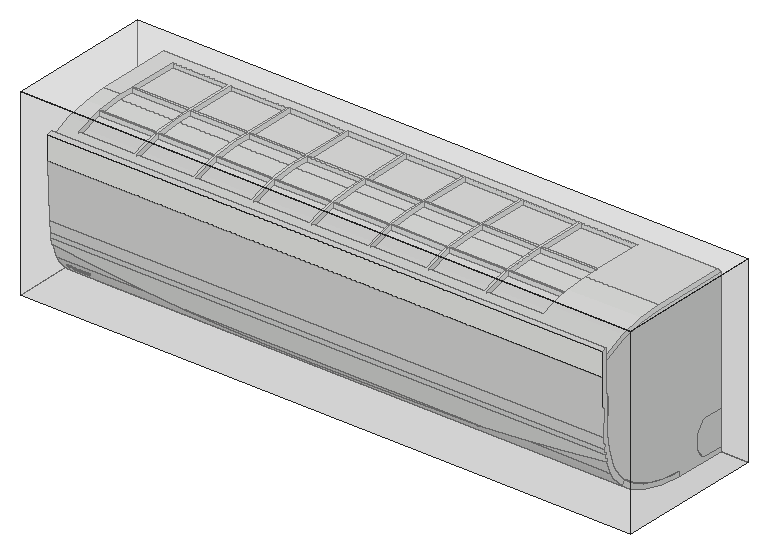
Revit family "outputfile", category 機械設備, Revit 2024
Family settings
  丸型コネクタ寸法 = 半径を使用
  パーツ タイプ = 標準
  OmniClass 番号 = 23.75.10.24.21.27.27
  OmniClass タイトル = Split System Air Conditioning Units
  作業面ベース = いいえ
  常に垂直 = はい
  ロード時にボイドで切り取り = いいえ
  注釈の向きを維持 = いいえ
  共有 = いいえ
  部屋計算ポイント = いいえ
Parameters (values of type "CTXM71RVMA")
  Description = ""
  書き出し IFC クラス(タイプ) = "IfcUnitaryEquipmentType"
  定義済み IFC タイプ(タイプ) = "AIRCONDITIONINGUNIT"
  Cost = 0
  Type Comments = ""
  Keynote = ""
  Type Image = (empty or 0)
  Assembly Code = ""
  w_wall hole = if(Width = 770.0 mm, 48.0 mm, if(Width = 990.0 mm, 60.0 mm, 89.0 mm))  # 60.0 mm
  製造元 = "Daikin"
  モデル = "CTXM71RVMA"
  switch_frequency = yes
  r_Liquid Pipe Size = Liquid Pipe Size / 2  # 3.2 mm
  r_Gas Pipe Size = Gas Pipe Size / 2  # 7.95 mm
  r_Drain Pipe Size = Drain Pipe Size / 2  # 8.0 mm
  lw_powersupply [instance] = if(Width = 770.0 mm, if(or(Rear Right Connection_refrigerant, Bottom Right Connection_refrigerant), 25.0 mm, if(or(Rear Left Connection_refrigerant, Bottom Left Connection_refrigerant), 745.0 mm, 400.0 mm)), if(Width = 990.0 mm, if(or(Rear Right Connection_refrigerant, Bottom Right Connection_refrigerant), 40.0 mm, if(or(Rear Left Connection_refrigerant, Bottom Left Connection_refrigerant), 920.0 mm, 400.0 mm)), if(Width = 1200.0 mm, if(or(Rear Right Connection_refrigerant, Bottom Right Connection_refrigerant), 89.0 mm - 19.0 mm, if(or(Rear Left Connection_refrigerant, Bottom Left Connection_refrigerant), 675.0 mm + (990.0 mm - 770.0 mm) + 145.0 mm + 22.0 mm + 89.0 mm, 400.0 mm)), if(or(Rear Right Connection_refrigerant, Bottom Right Connection_refrigerant), 89.0 mm - 19.0 mm, if(or(Rear Left Connection_refrigerant, Bottom Left Connection_refrigerant), 675.0 mm + (990.0 mm - 770.0 mm) + 145.0 mm + 22.0 mm + 89.0 mm, 400.0 mm)))))  # 400.0 mm
  lw_liquidpipe [instance] = if(Width = 770.0 mm, if(or(Rear Right Connection_refrigerant, Bottom Right Connection_refrigerant), 0.0 mm, if(or(Rear Left Connection_refrigerant, Bottom Left Connection_refrigerant), 664.0 mm, 385.0 mm)), if(Width = 990.0 mm, if(or(Rear Right Connection_refrigerant, Bottom Right Connection_refrigerant), 0.0 mm, if(or(Rear Left Connection_refrigerant, Bottom Left Connection_refrigerant), 664.0 mm + (990.0 mm - 770.0 mm), 475.0 mm)), if(Width = 1200.0 mm, if(or(Rear Right Connection_refrigerant, Bottom Right Connection_refrigerant), 0.0 mm, if(or(Rear Left Connection_refrigerant, Bottom Left Connection_refrigerant), 664.0 mm + (990.0 mm - 770.0 mm) + 145.0 mm, 460.0 mm)), if(or(Rear Right Connection_refrigerant, Bottom Right Connection_refrigerant), 0.0 mm, if(or(Rear Left Connection_refrigerant, Bottom Left Connection_refrigerant), 664.0 mm + (990.0 mm - 770.0 mm) + 145.0 mm, 460.0 mm)))))  # 475.0 mm
  lw_gaspipe [instance] = if(Width = 770.0 mm, if(or(Rear Right Connection_refrigerant, Bottom Right Connection_refrigerant), 0.0 mm, if(or(Rear Left Connection_refrigerant, Bottom Left Connection_refrigerant), 675.0 mm, if(Gas Pipe Size = 12.7 mm, 345.0 mm, 335.0 mm))), if(Width = 990.0 mm, if(or(Rear Right Connection_refrigerant, Bottom Right Connection_refrigerant), 10.0 mm, if(or(Rear Left Connection_refrigerant, Bottom Left Connection_refrigerant), 890.0 mm, if(Gas Pipe Size = 15.9 mm, 410.0 mm, 400.0 mm))), if(Width = 1200.0 mm, if(or(Rear Right Connection_refrigerant, Bottom Right Connection_refrigerant), 10.0 mm, if(or(Rear Left Connection_refrigerant, Bottom Left Connection_refrigerant), 675.0 mm + (990.0 mm - 770.0 mm) + 145.0 mm, 400.0 mm)), if(or(Rear Right Connection_refrigerant, Bottom Right Connection_refrigerant), 10.0 mm, if(or(Rear Left Connection_refrigerant, Bottom Left Connection_refrigerant), 675.0 mm + (990.0 mm - 770.0 mm) + 145.0 mm, 400.0 mm)))))  # 410.0 mm
  lw_drainpipe [instance] = if(Width = 770.0 mm, if(or(Rear Right Connection_refrigerant, Bottom Right Connection_refrigerant), 0.0 mm, if(or(Rear Left Connection_refrigerant, Bottom Left Connection_refrigerant), 770.0 mm - 48.0 mm - 48.0 mm, 440.0 mm)), if(Width = 990.0 mm, if(or(Rear Right Connection_refrigerant, Bottom Right Connection_refrigerant), 0.0 mm, if(or(Rear Left Connection_refrigerant, Bottom Left Connection_refrigerant), 675.0 mm + (990.0 mm - 770.0 mm), 435.0 mm)), if(Width = 1200.0 mm, if(or(Rear Right Connection_refrigerant, Bottom Right Connection_refrigerant), 0.0 mm, if(or(Rear Left Connection_refrigerant, Bottom Left Connection_refrigerant), 675.0 mm + (990.0 mm - 770.0 mm) + 145.0 mm, 465.0 mm)), if(or(Rear Right Connection_refrigerant, Bottom Right Connection_refrigerant), 0.0 mm, if(or(Rear Left Connection_refrigerant, Bottom Left Connection_refrigerant), 675.0 mm + (990.0 mm - 770.0 mm) + 145.0 mm, 465.0 mm)))))  # 435.0 mm
  l_powersupply_length [instance] = if(Width = 770.0 mm, if(Right Connection_refrigerant, 400.0 mm, if(Left Connection_refrigerant, 770.0 mm - 400.0 mm, if(or(Rear Left Connection_refrigerant, Rear Right Connection_refrigerant), 15.0 mm, 50.0 mm))), if(Width = 990.0 mm, if(Right Connection_refrigerant, 400.0 mm, if(Left Connection_refrigerant, 990.0 mm - 400.0 mm, if(or(Rear Left Connection_refrigerant, Rear Right Connection_refrigerant), 15.0 mm, 50.0 mm))), if(Width = 1200.0 mm, if(Right Connection_refrigerant, 400.0 mm, if(Left Connection_refrigerant, 1200.0 mm - 400.0 mm, if(or(Rear Left Connection_refrigerant, Rear Right Connection_refrigerant), 15.0 mm, 50.0 mm))), if(Right Connection_refrigerant, 400.0 mm, if(Left Connection_refrigerant, 1200.0 mm - 400.0 mm, if(or(Rear Left Connection_refrigerant, Rear Right Connection_refrigerant), 15.0 mm, 50.0 mm))))))  # 400.0 mm
  l_liquidpipe_length [instance] = if(Width = 770.0 mm, if(Right Connection_refrigerant, 433.0 mm, if(Left Connection_refrigerant, 337.0 mm, if(or(Rear Left Connection_refrigerant, Rear Right Connection_refrigerant), 30.0 mm, 40.0 mm))), if(Width = 990.0 mm, if(Right Connection_refrigerant, 535.0 mm, if(Left Connection_refrigerant, 455.0 mm, if(or(Rear Left Connection_refrigerant, Rear Right Connection_refrigerant), 30.0 mm, 40.0 mm))), if(Width = 1200.0 mm, if(Right Connection_refrigerant, 549.0 mm, if(Left Connection_refrigerant, 1200.0 mm - 549.0 mm, if(or(Rear Left Connection_refrigerant, Rear Right Connection_refrigerant), 30.0 mm, 40.0 mm))), if(Right Connection_refrigerant, 549.0 mm, if(Left Connection_refrigerant, 1200.0 mm - 549.0 mm, if(or(Rear Left Connection_refrigerant, Rear Right Connection_refrigerant), 30.0 mm, 40.0 mm))))))  # 535.0 mm
  l_gaspipe_length [instance] = if(Width = 770.0 mm, if(Right Connection_refrigerant, if(Gas Pipe Size = 12.7 mm, 393.0 mm, 383.0 mm), if(Left Connection_refrigerant, if(Gas Pipe Size = 12.7 mm, 770.0 mm - 393.0 mm, 770.0 mm - 383.0 mm), if(or(Rear Left Connection_refrigerant, Rear Right Connection_refrigerant), 40.0 mm, 50.0 mm))), if(Width = 990.0 mm, if(Right Connection_refrigerant, if(Gas Pipe Size = 15.9 mm, 470.0 mm, 460.0 mm), if(Left Connection_refrigerant, if(Gas Pipe Size = 15.9 mm, 990.0 mm - 470.0 mm, 990.0 mm - 460.0 mm), if(or(Rear Left Connection_refrigerant, Rear Right Connection_refrigerant), 40.0 mm, 50.0 mm))), if(Width = 1200.0 mm, if(Right Connection_refrigerant, 489.0 mm, if(Left Connection_refrigerant, 1200.0 mm - 489.0 mm, if(or(Rear Left Connection_refrigerant, Rear Right Connection_refrigerant), 40.0 mm, 50.0 mm))), if(Right Connection_refrigerant, 489.0 mm, if(Left Connection_refrigerant, 1200.0 mm - 489.0 mm, if(or(Rear Left Connection_refrigerant, Rear Right Connection_refrigerant), 40.0 mm, 50.0 mm))))))  # 470.0 mm
  l_drainpipe_length [instance] = if(Width = 770.0 mm, if(Right Connection_refrigerant, 488.0 mm, if(Left Connection_refrigerant, 282.0 mm, if(or(Rear Left Connection_refrigerant, Rear Right Connection_refrigerant), 15.0 mm, 20.0 mm))), if(Width = 990.0 mm, if(Right Connection_refrigerant, 495.0 mm, if(Left Connection_refrigerant, 495.0 mm, if(or(Rear Left Connection_refrigerant, Rear Right Connection_refrigerant), 15.0 mm, 20.0 mm))), if(Width = 1200.0 mm, if(Right Connection_refrigerant, 554.0 mm, if(Left Connection_refrigerant, 1200.0 mm - 554.0 mm, if(or(Rear Left Connection_refrigerant, Rear Right Connection_refrigerant), 15.0 mm, 20.0 mm))), if(Right Connection_refrigerant, 554.0 mm, if(Left Connection_refrigerant, 1200.0 mm - 554.0 mm, if(or(Rear Left Connection_refrigerant, Rear Right Connection_refrigerant), 15.0 mm, 20.0 mm))))))  # 495.0 mm
  h*** = 0.0 mm  # constant formula
  connector_voltage = Voltage_50Hz  # 230 V
  connector_powerinput = if([Power Input (Cooling)] > [Power Input (Heating)], [Power Input (Cooling)], [Power Input (Heating)])  # 0.000 kW
  connector_phase = Phase_50Hz  # 1
  angle_vertical [instance] = if(or(Bottom Left Connection_refrigerant, Bottom Right Connection_refrigerant), 0.00°, 90.00°)  # 90.00°
  angle_horizontal [instance] = if(Right Connection_refrigerant, 90.00°, if(Left Connection_refrigerant, -90.00°, if(or(Rear Left Connection_refrigerant, Rear Right Connection_refrigerant), 180.00°, 0.00°)))  # 90.00°
  Width = 990.0 mm
  Voltage_comment_50Hz = "220 - 240"
  Voltage_50Hz = 230 V
  Version = "ver.1.0"
  Unit Type = "Wall Mounted"
  Unit Mass Weight = 13.00 kg
  Unit Designation [instance] = ""
  Uniclass2015Version = "Products v1.30"
  Uniclass2015Title = "Split coil room air conditioning units"
  Uniclass2015Code = "Pr_70_65_03_86"
  URL = ""
  Total Heating Capacity [instance] = 0.000 kW
  Total Cooling Capacity [instance] = 0.000 kW
  Sound Pressure Level_M speed (dBA) = 45
  Sound Pressure Level_L speed (dBA) = 37
  Sound Pressure Level_H speed (dBA) = 49
  Sound Power Level_H speed (dB) = 0
  Series = "Multi Split_Fan Coil Unit"
  Sensible Cooling Capacity [instance] = 0.000 kW
  Refrigerant Type = "R32"
  Power Input (Heating) = 0.000 kW
  Power Input (Cooling) = 0.000 kW
  Phase_50Hz = 1
  Option Accessory 3 [instance] = ""
  Option Accessory 2 [instance] = ""
  Option Accessory 1 [instance] = ""
  Nominal Heating Capacity = 8.600 kW
  Nominal Cooling Capacity = 7.100 kW
  Minimum Circuit Amps_50Hz = 0.0 A
  Minimum Airflow = 798.00 m³/h
  Median Airflow = 1010.00 m³/h
  Maximum Fuse Amps_50Hz = 0.0 A
  Maximum Airflow = 1200.00 m³/h
  Material_Casing = DAIKIN_White_Casing_indoorunit
  Load Classification = HVAC
  Liquid Pipe Size = 6.4 mm
  Link_Nested Family [instance] = ""
  IfcVersion = ""
  IfcExportType = "AIRCONDITIONINGUNIT"
  IfcExportAs = "IfcUnitaryEquipmentType"
  Height = 295.0 mm
  Heating Entering Wet Bulb Temperature [instance] = 0.00 °C
  Heating Entering Dry Bulb Temperature [instance] = 0.00 °C
  Heating Ambient Wet Bulb Temperature [instance] = 0.00 °C
  Heating Ambient Dry Bulb Temperature [instance] = 0.00 °C
  Heat Exchanger Type = "Cross Fin Coil"
  Gas Pipe Size = 15.9 mm
  Frequency_50Hz = 50 Hz
  Fan Type = "Cross Flow Fan"
  Fan Drive = "Direct Drive"
  FCU Tag No. [instance] = ""
  Drain Pipe Size = 16.0 mm
  Design Supply Airflow [instance] = 0.00 m³/h
  Depth = 263.0 mm
  既定の高さ = 0.0 mm
  Cooling Entering Wet Bulb Temperature [instance] = 0.00 °C
  Cooling Entering Dry Bulb Temperature [instance] = 0.00 °C
  Cooling Ambient Wet Bulb Temperature [instance] = 0.00 °C
  Cooling Ambient Dry Bulb Temperature [instance] = 0.00 °C
  Clearance visibility [instance] = yes
  Clearance Top = 30.0 mm
  Clearance Right = 50.0 mm
  Clearance Rear = 0.0 mm
  Clearance Left = 50.0 mm
  Clearance Front = 0.0 mm
  Clearance Bottom = 0.0 mm
  Bottom Right Connection_refrigerant [instance] = no
  Bottom Left Connection_refrigerant [instance] = no
  Rear Right Connection_refrigerant [instance] = no
  Rear Left Connection_refrigerant [instance] = no
  Right Connection_refrigerant [instance] = yes
  Left Connection_refrigerant [instance] = no
Reference planes
  plane 1 "Back": y = 0
  plane 2: z = 0
  plane 3 "Center (Left/Right)": x = 0
  plane 4 "Center (Front/Back)": y = -131.5
  plane 5 "Front": y = -263
  plane 6 "Left": x = -495
  plane 7 "Right": x = 495
  plane 8 "Top": z = 0
  plane 9 "Bottom": z = -295
  plane 10: x = -545
  plane 11: x = 545
  plane 12: y = 0
  plane 13: y = -263
  plane 14: z = 30
  plane 15: z = -295
  plane 16 "lw_Piping and Wiring intake": x = 435
  plane 17 "lw_gaspipe": x = 25
  plane 18 "lw_liquidpipe": x = -40
  plane 19 "lw_drainpipe": x = 0
  plane 20 "lh_drainpipe": z = -275
  plane 21 "lh_liquidpipe": z = -255
  plane 22 "lh_gaspipe": z = -245
  plane 23 "ld_drainpipe": y = -15
  plane 24 "ld_liquidpipe": y = -30
  plane 25 "ld_gaspipe": y = -40
  plane 26 "lw_powersupply": x = 95
Dimensions and locks
  equal spacing: plane 6 "Left", plane 3 "Center (Left/Right)", plane 7 "Right"
  "Width": plane 6 "Left" to plane 7 "Right"
  equal spacing: plane 5 "Front", plane 4 "Center (Front/Back)", plane 1 "Back"
  "Depth": plane 5 "Front" to plane 1 "Back"
  "Height": plane 8 "Top" to plane 9 "Bottom"
  "Clearance Rear": plane 12 to plane 1 "Back"
  "Clearance Front": plane 13 to plane 5 "Front"
  "Clearance Top": plane 14 to plane 8 "Top"
  "Clearance Bottom": plane 9 "Bottom" to plane 15
  "w_wall hole": plane 16 "lw_Piping and Wiring intake" to plane 7 "Right"
  "lw_gaspipe": plane 17 "lw_gaspipe" to plane 16 "lw_Piping and Wiring intake"
  "lw_liquidpipe": plane 18 "lw_liquidpipe" to plane 16 "lw_Piping and Wiring intake"
  "lw_drainpipe": plane 19 "lw_drainpipe" to plane 16 "lw_Piping and Wiring intake"
  locked: plane 20 "lh_drainpipe" to plane 9 "Bottom" at 20
  locked: plane 21 "lh_liquidpipe" to plane 9 "Bottom" at 40
  locked: plane 22 "lh_gaspipe" to plane 9 "Bottom" at 50
  locked: plane 23 "ld_drainpipe" to plane 1 "Back" at 15
  locked: plane 1 "Back" to plane 24 "ld_liquidpipe" at 30
  locked: plane 1 "Back" to plane 25 "ld_gaspipe" at 40
  "lw_powersupply": plane 26 "lw_powersupply" to plane 7 "Right"
  "Clearance Right": plane 7 "Right" to plane 11
  "Clearance Left": plane 10 to plane 6 "Left"
  aligned and locked: level to plane 2
  aligned and locked: plane 12 to nested 1
  aligned and locked: nested 1 to plane 13
  aligned and locked: plane 10 to nested 1
  aligned and locked: plane 11 to nested 1
  aligned and locked: plane 15 to nested 1
  aligned and locked: plane 14 to nested 1
  aligned and locked: plane 17 "lw_gaspipe" to nested 2
  aligned and locked: nested 2 to plane 25 "ld_gaspipe"
  aligned and locked: plane 18 "lw_liquidpipe" to nested 3
  aligned and locked: nested 3 to plane 24 "ld_liquidpipe"
  aligned and locked: plane 19 "lw_drainpipe" to nested 4
  aligned and locked: nested 4 to plane 23 "ld_drainpipe"
  aligned and locked: nested 5 to plane 23 "ld_drainpipe"
  aligned and locked: plane 26 "lw_powersupply" to nested 5
  aligned and locked: level to plane 8 "Top"
  aligned and locked: plane 3 "Center (Left/Right)" to nested 6
  aligned and locked: plane 1 "Back" to nested 6
  aligned and locked: plane 8 "Top" to nested 6
Nested families
  nested 1: "daikin_clearancespace" at (0, -131.5, -132.381), show <- "Clearance visibility", visible <- "Clearance visibility", Link_Nested Family <- "Link_Nested Family", type "daikin_clearancespace"
    with width 1090.0 mm, show yes, height 325.0 mm, depth 263.0 mm, Link_Nested Family ""
  nested 2: "daikin_connector_rotate3" at (25, -40, -245), angle_vertical <- "angle_vertical", angle_horizontal <- "angle_horizontal", length <- "l_gaspipe_length", radius <- "r_Gas Pipe Size", type "daikin_connector_rotate3"
    with show no, radius 7.95 mm, length 470.0 mm, angle_vertical 90.00°, angle_horizontal 90.00°
  nested 3: "daikin_connector_rotate3" at (-40, -30, -255), angle_vertical <- "angle_vertical", angle_horizontal <- "angle_horizontal", radius <- "r_Liquid Pipe Size", length <- "l_liquidpipe_length", type "daikin_connector_rotate3"
    with show no, radius 3.2 mm, length 535.0 mm, angle_vertical 90.00°, angle_horizontal 90.00°
  nested 4: "daikin_connector_rotate3" at (0, -15, -275), angle_vertical <- "angle_vertical", angle_horizontal <- "angle_horizontal", length <- "l_drainpipe_length", radius <- "r_Drain Pipe Size", type "daikin_connector_rotate3"
    with show no, radius 8.0 mm, length 495.0 mm, angle_vertical 90.00°, angle_horizontal 90.00°
  nested 5: "daikin_connector_rotate3" at (95, -15, -245), angle_vertical <- "angle_vertical", angle_horizontal <- "angle_horizontal", length <- "l_powersupply_length", type "daikin_connector_rotate3"
    with show no, radius 10.0 mm, length 400.0 mm, angle_vertical 90.00°, angle_horizontal 90.00°
  nested 6: "DAIKIN_indoorunit_CTXM-RVMA" at (-31, 0, 0), type "CTXM-RVMA"
    with switch_unit1_50-71 yes, switch_unit1_20-46 no, Width 990.0 mm, WALL HOLE-R 60.0 mm, WALL HOLE Size 80.0 mm, Height 295.0 mm
Connectors
  piping at (495, -40, -245), diameter 15.9, driven by "r_Gas Pipe Size"
    settings: on nested 2, index 1, connector inside diameter 609.6 mm, connector length 0.0 mm, flow factor 0, pipe flow 0.00 m³/h, pressure drop 0.0 Pa, fitting loss kfactor 0, connector angle 0.00°, fixture units 0, engagement length 0.0 mm, angle of deflection 0.00°, flow configuration 1, flow direction 2, fitting loss method 0, system type 29, joint type 0, gender type 0, connector reference index -1, connector utility 0, adjustable connector no, is connector primary yes, connector description "Refrigerant Gas Piping"
  piping at (495, -30, -255), diameter 6.4, driven by "r_Liquid Pipe Size"
    settings: on nested 3, index 2, connector inside diameter 609.6 mm, connector length 0.0 mm, flow factor 0, pipe flow 0.00 m³/h, pressure drop 0.0 Pa, fitting loss kfactor 0, connector angle 0.00°, fixture units 0, engagement length 0.0 mm, angle of deflection 0.00°, flow configuration 1, flow direction 1, fitting loss method 0, system type 29, joint type 0, gender type 0, connector reference index -1, connector utility 0, adjustable connector no, is connector primary no, connector description "Refrigerant Liquid Piping"
  piping at (495, -15, -275), diameter 16, driven by "r_Drain Pipe Size"
    settings: on nested 4, index 3, connector inside diameter 609.6 mm, connector length 0.0 mm, flow factor 0, pipe flow 0.00 m³/h, pressure drop 0.0 Pa, fitting loss kfactor 0, connector angle 0.00°, fixture units 0, engagement length 0.0 mm, angle of deflection 0.00°, flow configuration 1, flow direction 2, fitting loss method 4, system type 16, joint type 0, gender type 0, connector reference index -1, connector utility 0, adjustable connector no, is connector primary no, connector description "Condensate Drain Piping"
  electrical at (495, -15, -245), driven by "Load Classification", driven by "connector_voltage", driven by "connector_phase", driven by "connector_powerinput"
    settings: on nested 5, index 4, voltage 230 V, apparent load 0 VA, apparent load phase1 0 VA, apparent load phase2 0 VA, apparent load phase3 0 VA, power factor 1, load classification "HVAC", number of poles 1, system type 30, power factor state 1, is connector primary yes, connector utility no, sub classification motor no, connector description "Power Supply"
Definition of nested family "daikin_clearancespace"
  Parameters (values of type "daikin_clearancespace")
    Description = "daikin_clearancespace"
    width [instance] = 1823.963 mm
    show [instance] = yes
    material = none
    height [instance] = 1359.762 mm
    depth [instance] = 880.0 mm
    Default Elevation = 0.0 mm
    Link_Nested Family [instance] = ""
  Reference planes
    plane 1 "Center (Front/Back)": y = 0
    plane 2 "Center (Elevation)": z = -0.119
    plane 3 "Center (Left/Right)": x = 0
    plane 4: y = 440
    plane 5: y = -440
    plane 6 "Right": x = 911.982
    plane 7 "Left": x = -911.982
    plane 8 "Top": z = 679.762
    plane 9 "Bottom": z = -680
  Forms (mm)
    Extrusion 1, solid, material <- "material", visible <- "show"
      sketch origin (0, 0, 0) x (1, 0, 0) y (0, 1, 0)
        loop
          line (-911.982, 440) -> (-911.982, -440) -> (911.982, -440) -> (911.982, 440) -> (-911.982, 440)
      from -680 to 679.762
  Lines and regions (mm)
    symbolic lines, visible <- "show"
      curve 1: line (911.982, 440, 0) -> (-911.982, 440, 0)
      curve 2: line (-911.982, 440, 0) -> (-911.982, -440, 0)
      curve 3: line (-911.982, -440, 0) -> (911.982, -440, 0)
      curve 4: line (911.982, -440, 0) -> (911.982, 440, 0)
      curve 5: line (911.982, 0, 679.762) -> (-911.982, 0, 679.762)
      curve 6: line (911.982, 0, -680) -> (911.982, 0, 679.762)
      curve 7: line (-911.982, 0, -680) -> (911.982, 0, -680)
      curve 8: line (-911.982, 0, 679.762) -> (-911.982, 0, -680)
      curve 9: line (0, 440, 679.762) -> (0, -440, 679.762)
      curve 10: line (0, -440, 679.762) -> (0, -440, -680)
      curve 11: line (0, 440, -680) -> (0, 440, 679.762)
      curve 12: line (0, -440, -680) -> (0, 440, -680)
  Dimensions and locks
    "width": plane 7 "Left" to plane 6 "Right"
    "depth": plane 4 to plane 5
    "height": plane 8 "Top" to plane 9 "Bottom"
    equal spacing: plane 7 "Left", plane 3 "Center (Left/Right)", plane 6 "Right"
    equal spacing: plane 4, plane 1 "Center (Front/Back)", plane 5
    equal spacing: plane 8 "Top", plane 2 "Center (Elevation)", plane 9 "Bottom"
    aligned and locked: level to plane 2 "Center (Elevation)"
    aligned and locked: Extrusion 1 sketch curve to plane 4
    aligned and locked: plane 7 "Left" to Extrusion 1 sketch curve
    aligned and locked: Extrusion 1 sketch curve to plane 5
    aligned and locked: Extrusion 1 sketch curve to plane 6 "Right"
    aligned and locked: plane 8 "Top" to Extrusion 1
    aligned and locked: curve 1 to Extrusion 1
    aligned and locked: curve 2 to Extrusion 1
    aligned and locked: curve 3 to Extrusion 1
    aligned and locked: curve 4 to Extrusion 1
    aligned and locked: curve 5 to Extrusion 1
    aligned and locked: curve 6 to Extrusion 1
    aligned and locked: curve 7 to Extrusion 1
    aligned and locked: curve 8 to Extrusion 1
    aligned and locked: curve 9 to Extrusion 1
    aligned and locked: curve 10 to Extrusion 1
    aligned and locked: curve 11 to Extrusion 1
    aligned and locked: curve 12 to Extrusion 1
    aligned and locked: Extrusion 1 to plane 9 "Bottom"
Definition of nested family "DAIKIN_indoorunit_CTXM-RVMA"
  Parameters (values of type "CTXM-RVMA")
    switch_unit1_85-95 = Width = 1200.0 mm  # no
    switch_unit1_50-71 = Width = 990.0 mm  # no
    switch_unit1_20-46 = Width = 770.0 mm  # yes
    Width = 770.0 mm
    WALL HOLE_L = if(Width = 1200.0 mm, 65.0 mm, 48.0 mm)  # 48.0 mm
    WALL HOLE_H = if(Width = 1200.0 mm, 45.0 mm, 44.5 mm)  # 44.5 mm
    WALL HOLE-R = if(Width = 770.0 mm, 48.0 mm, if(Width = 990.0 mm, 60.0 mm, 89.0 mm))  # 48.0 mm
    WALL HOLE Size = if(Width = 770.0 mm, 65.0 mm, 80.0 mm)  # 65.0 mm
    Material_Casing = none
    Height = if(Width = 770.0 mm, 285.0 mm, if(Width = 990.0 mm, 295.0 mm, 340.0 mm))  # 285.0 mm
    Default Elevation = 0.0 mm
  Reference planes
    plane 1 "Center (Front/Back)": y = 0
    plane 2 "reference_level": z = 0
    plane 3 "Center (Left/Right)": x = 31
    plane 4: x = -354
    plane 5: x = 416
    plane 6: z = -285
  Forms (mm)
    Extrusion 1, solid, material <- "Material_Casing", visible <- "switch_unit1_20-46"
      sketch origin (29, 0, 0) x (0, 1, 0) y (0, 0, 1)
        loop
          line (-5, 0) -> (-98, 0)
          arc (-98, 0) -> (-157.611, -7.211) -> (-213.783, -28.427) r 250
          arc (-213.783, -28.427) -> (-213.842, -32.972) -> (-213.892, -37.516) r 2191
          arc (-213.892, -37.516) -> (-157.832, -15.495) -> (-98.07, -8) r 242
          line (-98.07, -8) -> (0, -8) -> (-5, 0)
      from -383 to 387
    Extrusion 2, solid, material <- "Material_Casing", visible <- "switch_unit1_20-46"
      sketch origin (416, 1296.25, 1200) x (0, 1, 0) y (0, 0, 1)
        loop
          line (-1472.998, -1446.91) -> (-1476.998, -1453.839)
          arc (-1476.998, -1453.839) -> (-1437.481, -1472.422) -> (-1395.25, -1483.538) r 240
          line (-1395.25, -1483.538) -> (-1395.25, -1475.422)
          arc (-1395.25, -1475.422) -> (-1435.407, -1464.663) -> (-1472.998, -1446.91) r 232
      from 0 to -47.5
    Extrusion 3, solid, material <- "Material_Casing", visible <- "switch_unit1_20-46"
      sketch origin (29, 0, 0) x (0, 1, 0) y (0, 0, 1)
        loop
          arc (-223, -60.455) -> (-222.414, -110.646) -> (-220.656, -160.81) r 2149.92
          arc (-220.656, -160.81) -> (-219.65, -174.299) -> (-217.853, -187.706) r 229.911
          arc (-217.853, -187.706) -> (-205.371, -223.594) -> (-181.517, -253.17) r 111
          line (-181.517, -253.17) -> (-177.429, -246.093)
          arc (-177.429, -246.093) -> (-198.77, -218.989) -> (-209.965, -186.36) r 103
          arc (-209.965, -186.36) -> (-211.681, -173.586) -> (-212.651, -160.735) r 221.844
          arc (-212.651, -160.735) -> (-214.739, -93.233) -> (-214.74, -25.699) r 2186.828
          arc (-214.74, -25.699) -> (-214.671, -21.467) -> (-214.594, -17.235) r 2192
          line (-214.594, -17.235) -> (-223, -19.961) -> (-223, -60.455)
      from -383 to 387
    Extrusion 4, solid, material <- "Material_Casing", visible <- "switch_unit1_20-46"
      sketch origin (29, 0, 0) x (0, 1, 0) y (0, 0, 1)
        loop
          line (-181.517, -253.17) -> (-179.597, -249.846)
          arc (-179.597, -249.846) -> (-202.009, -221.399) -> (-213.189, -186.952) r 103
          line (-213.189, -186.952) -> (-217.853, -187.706)
          arc (-217.853, -187.706) -> (-217.533, -189.556) -> (-217.182, -191.4) r 111
          arc (-217.182, -191.4) -> (-213.806, -208.181) -> (-210.362, -224.948) r 4257.809
          arc (-210.362, -224.948) -> (-198.886, -237.857) -> (-186.225, -249.607) r 180
          line (-186.225, -249.607) -> (-181.517, -253.17)
      from -383 to 387
    Extrusion 5, solid, material <- "Material_Casing", visible <- "switch_unit1_20-46"
      sketch origin (29, 0, -20) x (0, 1, 0) y (0, 0, 1)
        loop
          line (0, -265) -> (0, 12) -> (-98.07, 12)
          arc (-98.07, 12) -> (-157.832, 4.505) -> (-213.892, -17.516) r 242
          arc (-213.892, -17.516) -> (-213.638, -79.114) -> (-211.653, -140.681) r 2191
          arc (-211.653, -140.681) -> (-210.685, -153.501) -> (-208.973, -166.243) r 221
          arc (-208.973, -166.243) -> (-197.471, -199.282) -> (-175.482, -226.491) r 102
          arc (-175.482, -226.491) -> (-138.004, -244.019) -> (-98, -254.579) r 231
          line (-98, -254.579) -> (-98, -265) -> (0, -265)
      from -383 to 387
    Extrusion 6, solid, material <- "Material_Casing", visible <- "switch_unit1_20-46"
      sketch origin (-354, 1296.25, 1200) x (0, 1, 0) y (0, 0, 1)
        loop
          line (-1472.998, -1446.91) -> (-1476.998, -1453.839)
          arc (-1476.998, -1453.839) -> (-1437.481, -1472.422) -> (-1395.25, -1483.538) r 240
          line (-1395.25, -1483.538) -> (-1395.25, -1475.422)
          arc (-1395.25, -1475.422) -> (-1435.407, -1464.663) -> (-1472.998, -1446.91) r 232
      from 47 to 0
    Extrusion 7, solid, material <- "Material_Casing", visible <- "switch_unit1_20-46"
      sketch origin (416, 1296.25, 1200) x (0, 1, 0) y (0, 0, 1)
        loop
          line (-1472.998, -1446.91) -> (-1476.998, -1453.839)
          arc (-1476.998, -1453.839) -> (-1443.437, -1470.168) -> (-1407.75, -1481.097) r 240
          line (-1407.75, -1481.097) -> (-1407.75, -1472.894)
          arc (-1407.75, -1472.894) -> (-1441.363, -1462.385) -> (-1472.998, -1446.91) r 232
      from -116.993 to -48.493
    Extrusion 8, solid, material <- "Material_Casing", visible <- "switch_unit1_20-46"
      sketch origin (416, 1296.25, 1200) x (0, 1, 0) y (0, 0, 1)
        loop
          line (-1472.998, -1446.91) -> (-1476.998, -1453.839)
          arc (-1476.998, -1453.839) -> (-1443.437, -1470.168) -> (-1407.75, -1481.097) r 240
          line (-1407.75, -1481.097) -> (-1407.75, -1472.894)
          arc (-1407.75, -1472.894) -> (-1441.363, -1462.385) -> (-1472.998, -1446.91) r 232
      from -717 to -121.993
    Extrusion 9, void
      sketch origin (31, 0, -235) x (1, 0, 0) y (0, 1, 0)
        loop
          line (-252.674, -22.316) -> (-354.941, -22.316) -> (-354.941, -91.341) -> (-252.674, -91.341) -> (-252.674, -22.316)
        loop
          line (-249.341, -91.341) -> (-151.574, -91.341) -> (-151.574, -22.316) -> (-249.341, -22.316) -> (-249.341, -91.341)
        loop
          line (58.309, -22.316) -> (-148.309, -22.316) -> (-148.309, -91.341) -> (58.309, -91.341) -> (58.309, -22.316)
        loop
          line (61.689, -22.316) -> (61.689, -91.341) -> (159.457, -91.341) -> (159.457, -22.316) -> (61.689, -22.316)
        loop
          line (162.789, -22.316) -> (162.789, -91.341) -> (265.057, -91.341) -> (265.057, -22.316) -> (162.789, -22.316)
        loop
          line (-354.941, -94.659) -> (-354.941, -165.259) -> (-252.674, -165.259) -> (-252.674, -94.659) -> (-354.941, -94.659)
        loop
          line (-249.341, -94.659) -> (-249.341, -165.259) -> (-151.574, -165.259) -> (-151.574, -94.659) -> (-249.341, -94.659)
        loop
          line (-148.309, -94.659) -> (-148.309, -165.259) -> (58.309, -165.259) -> (58.309, -94.659) -> (-148.309, -94.659)
        loop
          line (61.689, -94.659) -> (61.689, -165.259) -> (159.457, -165.259) -> (159.457, -94.659) -> (61.689, -94.659)
        loop
          line (162.789, -94.659) -> (162.789, -165.259) -> (265.057, -165.259) -> (265.057, -94.659) -> (162.789, -94.659)
        loop
          line (-354.941, -167.382) -> (-354.941, -192.681) -> (-252.674, -192.681) -> (-252.674, -167.382) -> (-354.941, -167.382)
        loop
          line (-249.341, -167.382) -> (-249.341, -192.681) -> (-151.574, -192.681) -> (-151.574, -167.382) -> (-249.341, -167.382)
        loop
          line (-148.309, -167.382) -> (-148.309, -192.681) -> (58.309, -192.681) -> (58.309, -167.382) -> (-148.309, -167.382)
        loop
          line (159.457, -167.382) -> (61.689, -167.382) -> (61.689, -192.681) -> (159.457, -192.681) -> (159.457, -167.382)
        loop
          line (265.057, -167.382) -> (162.789, -167.382) -> (162.789, -192.681) -> (265.057, -192.681) -> (265.057, -167.382)
      from 201.638 to 250
    Extrusion 10, void
      sketch origin (31, 0, 0) x (1, 0, 0) y (0, 0, 1)
        loop
          arc (597, -174.907) -> (0.056, -245.263) -> (-597, -175.856) r 2585.042
          line (-597, -175.856) -> (-597, -352.872) -> (597, -352.872) -> (597, -174.907)
      from 173 to 315.3
    Extrusion 11, solid, material <- "Material_Casing"
      sketch origin (31, 0, 0) x (1, 0, 0) y (0, 0, 1)
        loop
          circle (337, -240.5) r 32.5
        loop
          circle (-337, -240.5) r 32.5
      from 0 to 5
    Extrusion 12, solid, material <- "Material_Casing", visible <- "switch_unit1_20-46"
      sketch origin (416, 1296.25, 1200) x (0, -1, 0) y (0, 0, 1)
        loop
          line (1326.25, -1417) -> (1296.25, -1417) -> (1296.25, -1477) -> (1326.25, -1477)
          arc (1326.25, -1477) -> (1340.393, -1471.142) -> (1346.25, -1457) r 20
          line (1346.25, -1457) -> (1346.25, -1437)
          arc (1346.25, -1437) -> (1340.393, -1422.858) -> (1326.25, -1417) r 20
      from 0 to 5
    Extrusion 13, solid, material <- "Material_Casing", visible <- "switch_unit1_20-46"
      sketch origin (-354, 1296.25, 1200) x (0, 1, 0) y (0, 0, 1)
        loop
          line (-1296.25, -1417) -> (-1326.25, -1417)
          arc (-1326.25, -1417) -> (-1340.393, -1422.858) -> (-1346.25, -1437) r 20
          line (-1346.25, -1437) -> (-1346.25, -1457)
          arc (-1346.25, -1457) -> (-1340.393, -1471.142) -> (-1326.25, -1477) r 20
          line (-1326.25, -1477) -> (-1296.25, -1477) -> (-1296.25, -1417)
      from 0 to 5
    Extrusion 14, solid, material <- "Material_Casing", visible <- "switch_unit1_20-46"
      sketch origin (31, 0, -285) x (-1, 0, 0) y (0, -1, 0)
        loop
          line (-314, 0) -> (-314, 30)
          arc (-314, 30) -> (-319.858, 44.142) -> (-334, 50) r 20
          line (-334, 50) -> (-354, 50)
          arc (-354, 50) -> (-368.142, 44.142) -> (-374, 30) r 20
          line (-374, 30) -> (-374, 0) -> (-314, 0)
        loop
          line (374, 0) -> (374, 30)
          arc (374, 30) -> (368.142, 44.142) -> (354, 50) r 20
          line (354, 50) -> (334, 50)
          arc (334, 50) -> (319.858, 44.142) -> (314, 30) r 20
          line (314, 30) -> (314, 0) -> (374, 0)
      from 0 to 5
    Extrusion 15, solid, material <- "Material_Casing", visible <- "switch_unit1_50-71"
      sketch origin (31, 0, 0) x (0, 1, 0) y (0, 0, 1)
        loop
          line (-5, 0) -> (-138, 0)
          arc (-138, 0) -> (-197.611, -7.211) -> (-253.783, -28.427) r 250
          arc (-253.783, -28.427) -> (-253.838, -32.687) -> (-253.886, -36.946) r 2191
          arc (-253.886, -36.946) -> (-197.73, -15.346) -> (-138.014, -8) r 246.393
          line (-138.014, -8) -> (0, -8) -> (-5, 0)
      from -495 to 495
    Extrusion 16, solid, material <- "Material_Casing", visible <- "switch_unit1_50-71"
      sketch origin (418, 1296.25, 1200) x (0, 1, 0) y (0, 0, 1)
        loop
          arc (-1515.208, -1454.149) -> (-1506.856, -1460.599) -> (-1497.925, -1466.219) r 110
          arc (-1497.925, -1466.219) -> (-1445.718, -1487.493) -> (-1389.844, -1494.995) r 223
          line (-1389.844, -1494.995) -> (-1389.844, -1486.086) -> (-1404.386, -1486.086)
          arc (-1404.386, -1486.086) -> (-1449.542, -1477.46) -> (-1491.818, -1459.402) r 214.289
          arc (-1491.818, -1459.402) -> (-1501.056, -1453.541) -> (-1509.606, -1446.715) r 101
          line (-1509.606, -1446.715) -> (-1515.208, -1454.149)
      from 108 to 57.5
    Extrusion 17, solid, material <- "Material_Casing", visible <- "switch_unit1_50-71"
      sketch origin (31, 0, 0) x (0, 1, 0) y (0, 0, 1)
        loop
          line (-263, -19.962) -> (-263, -61.6)
          arc (-263, -61.6) -> (-262.414, -110.219) -> (-260.656, -158.81) r 2017.341
          arc (-260.656, -158.81) -> (-255.648, -191.935) -> (-244.041, -223.362) r 164.725
          arc (-244.041, -223.362) -> (-233.569, -239.793) -> (-219.717, -253.495) r 87.379
          line (-219.717, -253.495) -> (-214.706, -246.846)
          arc (-214.706, -246.846) -> (-229.564, -230.029) -> (-240.385, -210.371) r 102
          arc (-240.385, -210.371) -> (-249.049, -182.962) -> (-252.848, -154.467) r 165.789
          arc (-252.848, -154.467) -> (-254.771, -90.102) -> (-254.74, -25.708) r 2122.533
          arc (-254.74, -25.708) -> (-254.671, -21.469) -> (-254.594, -17.23) r 2192
          line (-254.594, -17.23) -> (-263, -19.962)
      from -495 to 495
    Extrusion 18, void
      sketch origin (33, 0, 0) x (1, 0, 0) y (0, 1, 0)
        loop
          line (-466.909, -22.316) -> (-466.909, -111.341) -> (-366.303, -111.341) -> (-366.303, -22.316) -> (-466.909, -22.316)
        loop
          line (-362.71, -22.316) -> (-362.71, -111.341) -> (-262.103, -111.341) -> (-262.103, -22.316) -> (-362.71, -22.316)
        loop
          line (-258.51, -22.316) -> (-258.51, -111.341) -> (-157.904, -111.341) -> (-157.904, -22.316) -> (-258.51, -22.316)
        loop
          line (-154.31, -22.316) -> (-154.31, -111.341) -> (-53.704, -111.341) -> (-53.704, -22.316) -> (-154.31, -22.316)
        loop
          line (-50.11, -22.316) -> (-50.11, -111.341) -> (50.496, -111.341) -> (50.496, -22.316) -> (-50.11, -22.316)
        loop
          line (54.089, -22.316) -> (54.089, -111.341) -> (154.696, -111.341) -> (154.696, -22.316) -> (54.089, -22.316)
        loop
          line (158.289, -22.316) -> (158.289, -111.341) -> (258.895, -111.341) -> (258.895, -22.316) -> (158.289, -22.316)
        loop
          line (262.489, -22.316) -> (262.489, -111.341) -> (363.095, -111.341) -> (363.095, -22.316) -> (262.489, -22.316)
        loop
          line (-466.909, -114.459) -> (-466.909, -185.059) -> (-366.303, -185.059) -> (-366.303, -114.459) -> (-466.909, -114.459)
        loop
          line (-362.71, -114.459) -> (-362.71, -185.059) -> (-262.103, -185.059) -> (-262.103, -114.459) -> (-362.71, -114.459)
        loop
          line (-258.51, -114.459) -> (-258.51, -185.059) -> (-157.904, -185.059) -> (-157.904, -114.459) -> (-258.51, -114.459)
        loop
          line (-154.31, -114.459) -> (-154.31, -185.059) -> (-53.704, -185.059) -> (-53.704, -114.459) -> (-154.31, -114.459)
        loop
          line (-50.11, -114.459) -> (-50.11, -185.059) -> (50.496, -185.059) -> (50.496, -114.459) -> (-50.11, -114.459)
        loop
          line (54.089, -114.459) -> (54.089, -185.059) -> (154.696, -185.059) -> (154.696, -114.459) -> (54.089, -114.459)
        loop
          line (158.289, -114.459) -> (158.289, -185.059) -> (258.895, -185.059) -> (258.895, -114.459) -> (158.289, -114.459)
        loop
          line (262.489, -114.459) -> (262.489, -185.059) -> (363.095, -185.059) -> (363.095, -114.459) -> (262.489, -114.459)
        loop
          line (-466.909, -187.382) -> (-466.909, -232.681) -> (-366.303, -232.681) -> (-366.303, -187.382) -> (-466.909, -187.382)
        loop
          line (-362.71, -187.382) -> (-362.71, -232.681) -> (-262.103, -232.681) -> (-262.103, -187.382) -> (-362.71, -187.382)
        loop
          line (-258.51, -187.382) -> (-258.51, -232.681) -> (-157.904, -232.681) -> (-157.904, -187.382) -> (-258.51, -187.382)
        loop
          line (-154.31, -187.382) -> (-154.31, -232.681) -> (-53.704, -232.681) -> (-53.704, -187.382) -> (-154.31, -187.382)
        loop
          line (-50.11, -187.382) -> (-50.11, -232.681) -> (50.496, -232.681) -> (50.496, -187.382) -> (-50.11, -187.382)
        loop
          line (54.089, -187.382) -> (54.089, -232.681) -> (154.696, -232.681) -> (154.696, -187.382) -> (54.089, -187.382)
        loop
          line (158.289, -187.382) -> (158.289, -232.681) -> (258.895, -232.681) -> (258.895, -187.382) -> (158.289, -187.382)
        loop
          line (262.489, -187.382) -> (262.489, -232.681) -> (363.095, -232.681) -> (363.095, -187.382) -> (262.489, -187.382)
      from -40.013 to 47.268
    Extrusion 19, void
      sketch origin (33, 0, 2300) x (1, 0, 0) y (0, 0, 1)
        loop
          line (705, -2672.872) -> (705, -2462.4)
          arc (705, -2462.4) -> (-2.043, -2534.819) -> (-709, -2461.567) r 3467.757
          line (-709, -2461.567) -> (-709, -2672.872) -> (705, -2672.872)
      from 173 to 315.3
    Extrusion 20, solid, material <- "Material_Casing", visible <- "switch_unit1_50-71"
      sketch origin (-356, 1296.25, 1200) x (0, 1, 0) y (0, 0, -1)
        loop
          line (-1515.208, 1454.149) -> (-1509.606, 1446.715)
          arc (-1509.606, 1446.715) -> (-1501.056, 1453.541) -> (-1491.818, 1459.402) r 101
          arc (-1491.818, 1459.402) -> (-1449.542, 1477.46) -> (-1404.386, 1486.086) r 214.289
          line (-1404.386, 1486.086) -> (-1389.844, 1486.086) -> (-1389.844, 1494.995)
          arc (-1389.844, 1494.995) -> (-1445.718, 1487.493) -> (-1497.925, 1466.219) r 223
          arc (-1497.925, 1466.219) -> (-1506.856, 1460.599) -> (-1515.208, 1454.149) r 110
      from 108 to 61
    Extrusion 21, solid, material <- "Material_Casing", visible <- "switch_unit1_50-71"
      sketch origin (418, 1296.25, 1200) x (0, 1, 0) y (0, 0, 1)
        loop
          arc (-1515.208, -1454.149) -> (-1506.856, -1460.599) -> (-1497.925, -1466.219) r 110
          arc (-1497.925, -1466.219) -> (-1463.185, -1482.066) -> (-1426.25, -1491.755) r 223
          line (-1426.25, -1491.755) -> (-1426.25, -1483.166)
          arc (-1426.25, -1483.166) -> (-1460.008, -1473.969) -> (-1491.818, -1459.402) r 214.289
          arc (-1491.818, -1459.402) -> (-1501.056, -1453.541) -> (-1509.606, -1446.715) r 101
          line (-1509.606, -1446.715) -> (-1515.208, -1454.149)
      from 56.5 to -36.993
    Extrusion 22, solid, material <- "Material_Casing", visible <- "switch_unit1_50-71"
      sketch origin (418, 1296.25, 1200) x (0, 1, 0) y (0, 0, 1)
        loop
          arc (-1426.25, -1483.166) -> (-1443.442, -1479.224) -> (-1460.25, -1473.881) r 214.289
          line (-1460.25, -1473.881) -> (-1460.25, -1483.089)
          arc (-1460.25, -1483.089) -> (-1443.421, -1488.091) -> (-1426.25, -1491.755) r 223
          line (-1426.25, -1491.755) -> (-1426.25, -1483.166)
      from -43.493 to -828.893
    Extrusion 23, solid, material <- "Material_Casing", visible <- "switch_unit1_50-71"
      sketch origin (418, 1296.25, 1200) x (0, 1, 0) y (0, 0, 1)
        loop
          arc (-1515.208, -1454.149) -> (-1506.856, -1460.599) -> (-1497.925, -1466.219) r 110
          arc (-1497.925, -1466.219) -> (-1479.479, -1475.527) -> (-1460.25, -1483.089) r 223
          line (-1460.25, -1483.089) -> (-1460.25, -1473.881)
          arc (-1460.25, -1473.881) -> (-1476.328, -1467.282) -> (-1491.818, -1459.402) r 214.289
          arc (-1491.818, -1459.402) -> (-1501.056, -1453.541) -> (-1509.606, -1446.715) r 101
          line (-1509.606, -1446.715) -> (-1515.208, -1454.149)
      from -43.493 to -828.893
    Extrusion 24, solid, material <- "Material_Casing", visible <- "switch_unit1_50-71"
      sketch origin (31, 0, 0) x (0, 1, 0) y (0, 0, 1)
        loop
          arc (-217.78, -250.924) -> (-234.088, -233.307) -> (-245.826, -212.366) r 102
          arc (-245.826, -212.366) -> (-251.608, -196.062) -> (-255.659, -179.245) r 165.789
          line (-255.659, -179.245) -> (-258.299, -179.737)
          arc (-258.299, -179.737) -> (-257.524, -183.799) -> (-256.646, -187.84) r 164.725
          arc (-256.646, -187.84) -> (-252.868, -206.25) -> (-249.973, -224.82) r 393.089
          arc (-249.973, -224.82) -> (-239.237, -236.969) -> (-227.451, -248.102) r 180
          arc (-227.451, -248.102) -> (-223.723, -250.998) -> (-219.717, -253.495) r 45.878
          line (-219.717, -253.495) -> (-217.78, -250.924)
      from -495 to 495
    Extrusion 25, solid, material <- "Material_Casing", visible <- "switch_unit1_50-71"
      sketch origin (31, 0, -30) x (0, 1, 0) y (0, 0, 1)
        loop
          line (0, 22) -> (-138.014, 22)
          arc (-138.014, 22) -> (-197.73, 14.654) -> (-253.886, -6.946) r 246.393
          arc (-253.886, -6.946) -> (-253.682, -65.635) -> (-251.855, -124.295) r 2120.935
          arc (-251.855, -124.295) -> (-248.086, -152.682) -> (-239.461, -179.988) r 164.789
          arc (-239.461, -179.988) -> (-228.903, -199.231) -> (-214.437, -215.738) r 101
          line (-214.437, -215.738) -> (-212.406, -216.221)
          arc (-212.406, -216.221) -> (-204.07, -222.837) -> (-195.079, -228.53) r 100
          arc (-195.079, -228.53) -> (-145.557, -248.629) -> (-92.593, -255.785) r 213.289
          line (-92.593, -255.785) -> (-92.593, -265) -> (0, -265) -> (0, 22)
      from -495 to 495
    Extrusion 26, solid, material <- "Material_Casing", visible <- "switch_unit1_50-71"
      sketch origin (526, 1296.25, 1200) x (0, -1, 0) y (0, 0, 1)
        loop
          line (1326.25, -1427.035) -> (1296.25, -1427.035) -> (1296.25, -1487.035) -> (1326.25, -1487.035)
          arc (1326.25, -1487.035) -> (1340.393, -1481.177) -> (1346.25, -1467.035) r 20
          line (1346.25, -1467.035) -> (1346.25, -1447.035)
          arc (1346.25, -1447.035) -> (1340.393, -1432.892) -> (1326.25, -1427.035) r 20
      from 0 to 5
    Extrusion 27, solid, material <- "Material_Casing", visible <- "switch_unit1_50-71"
      sketch origin (-459, 1296.25, 1200) x (0, -1, 0) y (0, 0, 1)
        loop
          line (1326.25, -1427.035) -> (1296.25, -1427.035) -> (1296.25, -1487.035) -> (1326.25, -1487.035)
          arc (1326.25, -1487.035) -> (1340.393, -1481.177) -> (1346.25, -1467.035) r 20
          line (1346.25, -1467.035) -> (1346.25, -1447.035)
          arc (1346.25, -1447.035) -> (1340.393, -1432.892) -> (1326.25, -1427.035) r 20
      from 0 to 5
    Extrusion 28, solid, material <- "Material_Casing", visible <- "switch_unit1_50-71"
      sketch origin (31, 200, -295) x (-1, 0, 0) y (0, -1, 0)
        loop
          line (469, 200) -> (469, 230)
          arc (469, 230) -> (463.142, 244.142) -> (449, 250) r 20
          line (449, 250) -> (429, 250)
          arc (429, 250) -> (414.858, 244.142) -> (409, 230) r 20
          line (409, 230) -> (409, 200) -> (469, 200)
        loop
          line (-469, 200) -> (-409, 200) -> (-409, 230)
          arc (-409, 230) -> (-414.858, 244.142) -> (-429, 250) r 20
          line (-429, 250) -> (-449, 250)
          arc (-449, 250) -> (-463.142, 244.142) -> (-469, 230) r 20
          line (-469, 230) -> (-469, 200)
      from 0 to 5
    Extrusion 29, solid, material <- "Material_Casing", visible <- "switch_unit1_85-95"
      sketch origin (631, 1296.25, 1200) x (0, -1, 0) y (0, 0, 1)
        loop
          line (1326.25, -1472) -> (1296.25, -1472) -> (1296.25, -1532) -> (1326.25, -1532)
          arc (1326.25, -1532) -> (1340.393, -1526.142) -> (1346.25, -1512) r 20
          line (1346.25, -1512) -> (1346.25, -1492)
          arc (1346.25, -1492) -> (1340.393, -1477.858) -> (1326.25, -1472) r 20
      from 0 to 5
    Extrusion 30, solid, material <- "Material_Casing", visible <- "switch_unit1_85-95"
      sketch origin (-569, 1296.25, 1200) x (0, 1, 0) y (0, 0, 1)
        loop
          line (-1296.25, -1472) -> (-1326.25, -1472)
          arc (-1326.25, -1472) -> (-1340.393, -1477.858) -> (-1346.25, -1492) r 20
          line (-1346.25, -1492) -> (-1346.25, -1512)
          arc (-1346.25, -1512) -> (-1340.393, -1526.142) -> (-1326.25, -1532) r 20
          line (-1326.25, -1532) -> (-1296.25, -1532) -> (-1296.25, -1472)
      from 0 to 5
    Extrusion 31, solid, material <- "Material_Casing", visible <- "switch_unit1_85-95"
      sketch origin (31, 0, -340) x (-1, 0, 0) y (0, -1, 0)
        loop
          line (-481, 0) -> (-481, 30)
          arc (-481, 30) -> (-486.858, 44.142) -> (-501, 50) r 20
          line (-501, 50) -> (-521, 50)
          arc (-521, 50) -> (-535.142, 44.142) -> (-541, 30) r 20
          line (-541, 30) -> (-541, 0) -> (-481, 0)
        loop
          line (565, 0) -> (565, 30)
          arc (565, 30) -> (559.142, 44.142) -> (545, 50) r 20
          line (545, 50) -> (525, 50)
          arc (525, 50) -> (510.858, 44.142) -> (505, 30) r 20
          line (505, 30) -> (505, 0) -> (565, 0)
      from 0 to 5
    Extrusion 32, solid, material <- "Material_Casing", visible <- "switch_unit1_85-95"
      sketch origin (-569, 1296.25, 1200) x (0, 1, 0) y (0, 0, 1)
        loop
          arc (-1384.085, -1200) -> (-1382.584, -1209.393) -> (-1381.156, -1218.797) r 1217.3
          arc (-1381.156, -1218.797) -> (-1378.93, -1237.783) -> (-1376.836, -1256.785) r 2738.4
          arc (-1376.836, -1256.785) -> (-1376.212, -1263.453) -> (-1375.66, -1270.127) r 616.9
          arc (-1375.66, -1270.127) -> (-1373.897, -1298.249) -> (-1372.816, -1326.405) r 1161.9
          arc (-1372.816, -1326.405) -> (-1372.551, -1347.31) -> (-1372.774, -1368.215) r 895.6
          arc (-1372.774, -1368.215) -> (-1373.847, -1397.407) -> (-1375.67, -1426.561) r 1135.9
          arc (-1375.67, -1426.561) -> (-1375.876, -1428.629) -> (-1376.05, -1430.7) r 137.566
          line (-1376.05, -1430.7) -> (-1376.748, -1437.825)
          arc (-1376.748, -1437.825) -> (-1376.846, -1438.875) -> (-1376.947, -1439.926) r 581.3
          arc (-1376.947, -1439.926) -> (-1378.672, -1455.935) -> (-1380.558, -1471.925) r 1594.373
          line (-1380.558, -1471.925) -> (-1381.15, -1476.7) -> (-1382.29, -1485.103)
          arc (-1382.29, -1485.103) -> (-1384.162, -1497.489) -> (-1386.134, -1509.86) r 1546.6
          arc (-1386.134, -1509.86) -> (-1388.869, -1524.943) -> (-1391.741, -1540) r 1684.8
          line (-1391.741, -1540) -> (-1296.25, -1540) -> (-1296.25, -1208) -> (-1301.25, -1200) -> (-1384.085, -1200)
      from 0 to 1200
    Extrusion 33, solid, material <- "Material_Casing", visible <- "switch_unit1_85-95"
      sketch origin (-569, 1296.25, 1200) x (0, 1, 0) y (0, 0, 1)
        loop
          arc (-1414.55, -1200) -> (-1434.024, -1201.914) -> (-1452.752, -1207.585) r 100
          arc (-1452.752, -1207.585) -> (-1476.474, -1218.33) -> (-1499.225, -1231) r 314.805
          line (-1499.225, -1231) -> (-1502.28, -1239.145)
          arc (-1502.28, -1239.145) -> (-1495.253, -1346.307) -> (-1501.778, -1453.5) r 851
          line (-1501.778, -1453.5) -> (-1501.982, -1455.13)
          arc (-1501.982, -1455.13) -> (-1503.516, -1466.618) -> (-1505.205, -1478.084) r 851
          arc (-1505.205, -1478.084) -> (-1474.895, -1497.904) -> (-1442.314, -1513.717) r 284.7
          arc (-1442.314, -1513.717) -> (-1431.603, -1517.85) -> (-1420.733, -1521.548) r 284.8
          arc (-1420.733, -1521.548) -> (-1416.044, -1524.921) -> (-1414.25, -1530.411) r 9.3
          line (-1414.25, -1530.411) -> (-1414.25, -1539.117)
          arc (-1414.25, -1539.117) -> (-1412.616, -1539.563) -> (-1410.98, -1540) r 299.8
          line (-1410.98, -1540) -> (-1391.741, -1540)
          arc (-1391.741, -1540) -> (-1389.65, -1529.113) -> (-1387.631, -1518.212) r 1684.8
          line (-1387.631, -1518.212) -> (-1386.731, -1513.212) -> (-1385.002, -1502.84)
          arc (-1385.002, -1502.84) -> (-1383.621, -1493.975) -> (-1382.29, -1485.103) r 1546.6
          line (-1382.29, -1485.103) -> (-1381.15, -1476.7) -> (-1380.558, -1471.925)
          arc (-1380.558, -1471.925) -> (-1378.672, -1455.935) -> (-1376.947, -1439.926) r 1594.373
          arc (-1376.947, -1439.926) -> (-1376.846, -1438.875) -> (-1376.75, -1437.8) r 581.3
          line (-1376.75, -1437.8) -> (-1376.05, -1430.7)
          arc (-1376.05, -1430.7) -> (-1375.876, -1428.629) -> (-1375.67, -1426.561) r 137.566
          arc (-1375.67, -1426.561) -> (-1373.847, -1397.407) -> (-1372.774, -1368.215) r 1135.9
          arc (-1372.774, -1368.215) -> (-1372.551, -1347.31) -> (-1372.816, -1326.405) r 895.6
          arc (-1372.816, -1326.405) -> (-1373.897, -1298.249) -> (-1375.66, -1270.127) r 1161.9
          arc (-1375.66, -1270.127) -> (-1376.212, -1263.453) -> (-1376.836, -1256.785) r 616.9
          arc (-1376.836, -1256.785) -> (-1378.693, -1239.872) -> (-1380.655, -1222.971) r 2738.4
          arc (-1380.655, -1222.971) -> (-1381.22, -1218.629) -> (-1381.831, -1214.293) r 417.8
          arc (-1381.831, -1214.293) -> (-1382.937, -1207.143) -> (-1384.085, -1200) r 1217.3
          line (-1384.085, -1200) -> (-1414.55, -1200)
      from 0 to 1200
    Extrusion 34, solid, material <- "Material_Casing", visible <- "switch_unit1_85-95"
      sketch origin (-569, 1296.25, 1200) x (0, 1, 0) y (0, 0, 1)
        loop
          arc (-1507.93, -1494.658) -> (-1478.905, -1512.844) -> (-1447.994, -1527.6) r 299.7
          arc (-1447.994, -1527.6) -> (-1431.293, -1533.86) -> (-1414.25, -1539.117) r 299.8
          line (-1414.25, -1539.117) -> (-1414.25, -1530.411)
          arc (-1414.25, -1530.411) -> (-1416.044, -1524.921) -> (-1420.733, -1521.548) r 9.3
          arc (-1420.733, -1521.548) -> (-1431.603, -1517.85) -> (-1442.314, -1513.717) r 284.8
          arc (-1442.314, -1513.717) -> (-1474.895, -1497.904) -> (-1505.205, -1478.084) r 284.7
          arc (-1505.205, -1478.084) -> (-1506.527, -1486.377) -> (-1507.93, -1494.658) r 851
      from 0 to 1200
    Extrusion 35, void
      sketch origin (-569, 1296.25, 1200) x (0, 1, 0) y (0, 0, 1)
        loop
          line (-1414.25, -1544.301) -> (-1414.25, -1530.411)
          arc (-1414.25, -1530.411) -> (-1416.044, -1524.921) -> (-1420.733, -1521.548) r 9.3
          arc (-1420.733, -1521.548) -> (-1431.603, -1517.85) -> (-1442.314, -1513.717) r 284.8
          arc (-1442.314, -1513.717) -> (-1474.895, -1497.904) -> (-1505.205, -1478.084) r 284.7
          arc (-1505.205, -1478.084) -> (-1506.979, -1489.099) -> (-1508.897, -1500.091) r 851
          arc (-1508.897, -1500.091) -> (-1480.28, -1517.791) -> (-1449.887, -1532.228) r 304.7
          arc (-1449.887, -1532.228) -> (-1432.255, -1538.815) -> (-1414.25, -1544.301) r 304.8
      from 47 to 1024
    Extrusion 36, solid, material <- "Material_Casing", visible <- "switch_unit1_85-95"
      sketch origin (-569, 1296.25, 1100) x (0, 1, 0) y (0, 0, 1)
        loop
          arc (-1507.885, -1394.678) -> (-1486.868, -1408.302) -> (-1464.786, -1420.124) r 299.701
          line (-1464.786, -1420.124) -> (-1458.696, -1407.518)
          arc (-1458.696, -1407.518) -> (-1482.692, -1394.492) -> (-1505.335, -1379.235) r 285.7
          arc (-1505.335, -1379.235) -> (-1506.574, -1386.963) -> (-1507.885, -1394.678) r 851.024
        loop
          arc (-1448.076, -1427.563) -> (-1441.661, -1430.104) -> (-1435.19, -1432.496) r 299.8
          line (-1435.19, -1432.496) -> (-1430.487, -1419.314)
          arc (-1430.487, -1419.314) -> (-1444.37, -1413.95) -> (-1457.955, -1407.87) r 285.8
          line (-1457.955, -1407.87) -> (-1464.006, -1420.505)
          arc (-1464.006, -1420.505) -> (-1456.092, -1424.15) -> (-1448.076, -1427.563) r 299.705
      from 52 to 1019
    Extrusion 37, solid, material <- "Material_Casing", visible <- "switch_unit1_85-95"
      sketch origin (-569, 1296.25, 1200) x (0, 1, 0) y (0, 0, 1)
        loop
          arc (-1507.93, -1494.658) -> (-1495.468, -1367.52) -> (-1502.176, -1239.949) r 851
          arc (-1502.176, -1239.949) -> (-1502.486, -1237.562) -> (-1502.803, -1235.176) r 851
          line (-1502.803, -1235.176) -> (-1504.147, -1234)
          arc (-1504.147, -1234) -> (-1528.538, -1242.841) -> (-1553.886, -1248.367) r 195
          arc (-1553.886, -1248.367) -> (-1554.862, -1248.905) -> (-1555.25, -1249.949) r 1.6
          line (-1555.25, -1249.949) -> (-1555.25, -1258.08)
          arc (-1555.25, -1258.08) -> (-1553.575, -1326.437) -> (-1549.278, -1394.679) r 1781.946
          arc (-1549.278, -1394.679) -> (-1544.581, -1427.054) -> (-1535.917, -1458.6) r 264.022
          arc (-1535.917, -1458.6) -> (-1525.708, -1477.913) -> (-1510.047, -1493.142) r 70.049
          arc (-1510.047, -1493.142) -> (-1508.99, -1493.902) -> (-1507.93, -1494.658) r 299.7
      from 0 to 1200
    Extrusion 38, void
      sketch origin (-569, 1296.25, 1200) x (0, 1, 0) y (0, 0, 1)
        loop
          line (-1496.75, -1223.686) -> (-1496.75, -1247.152)
          arc (-1496.75, -1247.152) -> (-1472.513, -1233.15) -> (-1447.076, -1221.469) r 299.805
          arc (-1447.076, -1221.469) -> (-1431.132, -1216.633) -> (-1414.55, -1215) r 85
          line (-1414.55, -1215) -> (-1324.05, -1215) -> (-1324.05, -1195) -> (-1414.55, -1195)
          arc (-1414.55, -1195) -> (-1434.988, -1197.008) -> (-1454.644, -1202.956) r 105
          arc (-1454.644, -1202.956) -> (-1476.078, -1212.547) -> (-1496.75, -1223.686) r 319.805
      from 53 to 1025
    Extrusion 39, solid, material <- "Material_Casing", visible <- "switch_unit1_85-95"
      sketch origin (-569, 1296.25, 1200) x (0, 1, 0) y (0, 0, 1)
        loop
          line (-1324.05, -1200) -> (-1414.55, -1200)
          arc (-1414.55, -1200) -> (-1434.024, -1201.914) -> (-1452.752, -1207.585) r 100
          arc (-1452.752, -1207.585) -> (-1475.18, -1217.682) -> (-1496.75, -1229.5) r 314.805
          line (-1496.75, -1229.5) -> (-1496.75, -1247.152)
          arc (-1496.75, -1247.152) -> (-1472.513, -1233.15) -> (-1447.076, -1221.469) r 299.805
          arc (-1447.076, -1221.469) -> (-1431.132, -1216.633) -> (-1414.55, -1215) r 85
          line (-1414.55, -1215) -> (-1324.05, -1215) -> (-1324.05, -1200)
      from 53 to 1025
    Extrusion 40, void
      sketch origin (31, 0, 770.025) x (-1, 0, 0) y (0, -1, 0)
        loop
          arc (546.513, 235.15) -> (542.989, 242.307) -> (535.554, 245.2) r 11
          line (535.554, 245.2) -> (233.402, 245.2) -> (233.402, 231.7) -> (230.402, 231.7) -> (230.402, 227.2) -> (225.152, 227.2) -> (225.152, 206.552) -> (550.37, 206.552)
          arc (550.37, 206.552) -> (549.357, 206.947) -> (548.876, 207.923) r 1.5
          line (548.876, 207.923) -> (546.513, 235.15)
        loop
          arc (-413.554, 245.2) -> (-420.989, 242.307) -> (-424.513, 235.15) r 11
          line (-424.513, 235.15) -> (-426.876, 207.923)
          arc (-426.876, 207.923) -> (-427.357, 206.947) -> (-428.371, 206.552) r 1.5
          line (-428.371, 206.552) -> (-102.848, 206.552) -> (-102.848, 227.2) -> (-108.098, 227.2) -> (-108.098, 231.7) -> (-111.098, 231.7) -> (-111.098, 245.2) -> (-413.554, 245.2)
        loop
          line (222.652, 206.552) -> (222.652, 227.2) -> (217.402, 227.2) -> (217.402, 231.7) -> (214.402, 231.7) -> (214.402, 245.2) -> (-92.098, 245.2) -> (-92.098, 231.7) -> (-95.098, 231.7) -> (-95.098, 227.2) -> (-100.348, 227.2) -> (-100.348, 206.552) -> (222.652, 206.552)
      from -820.404 to -800.025
    Extrusion 41, solid, material <- "Material_Casing", visible <- "switch_unit1_85-95"
      sketch origin (31, 0, 820.025) x (-1, 0, 0) y (0, -1, 0)
        loop
          arc (546.513, 235.15) -> (542.989, 242.307) -> (535.554, 245.2) r 11
          line (535.554, 245.2) -> (233.402, 245.2) -> (233.402, 231.7) -> (230.402, 231.7) -> (230.402, 227.2) -> (547.202, 227.2) -> (546.513, 235.15)
        loop
          arc (-413.554, 245.2) -> (-420.989, 242.307) -> (-424.513, 235.15) r 11
          line (-424.513, 235.15) -> (-425.202, 227.2) -> (-108.098, 227.2) -> (-108.098, 231.7) -> (-111.098, 231.7) -> (-111.098, 245.2) -> (-413.554, 245.2)
        loop
          line (548.876, 207.897) -> (547.566, 223) -> (230.402, 223) -> (230.402, 206.552) -> (550.37, 206.552)
          arc (550.37, 206.552) -> (549.357, 206.947) -> (548.876, 207.897) r 1.5
        loop
          line (-108.098, 206.552) -> (-108.098, 223) -> (-425.567, 223) -> (-426.876, 207.923)
          arc (-426.876, 207.923) -> (-427.357, 206.947) -> (-428.371, 206.552) r 1.5
          line (-428.371, 206.552) -> (-108.098, 206.552)
        loop
          line (217.402, 206.552) -> (217.402, 223) -> (-95.098, 223) -> (-95.098, 206.552) -> (217.402, 206.552)
        loop
          line (214.402, 245.2) -> (-92.098, 245.2) -> (-92.098, 231.7) -> (-95.098, 231.7) -> (-95.098, 227.2) -> (217.402, 227.2) -> (217.402, 231.7) -> (214.402, 231.7) -> (214.402, 245.2)
      from -869.974 to -850.025
    Extrusion 42, void
      sketch origin (-569, 1296.25, 1200) x (0, 1, 0) y (0, 0, 1)
        loop
          line (-1504.147, -1234) -> (-1502.803, -1235.176) -> (-1502.803, -1226.787) -> (-1541.45, -1226.787) -> (-1541.45, -1246.098)
          arc (-1541.45, -1246.098) -> (-1522.494, -1240.989) -> (-1504.147, -1234) r 195
      from 42.955 to 1056.244
    Extrusion 43, void
      sketch origin (2031, -3000, 770.025) x (-1, 0, 0) y (0, -1, 0)
        loop
          line (2469.102, -2972.2) -> (2543, -2972.2) -> (2543, -2944.306) -> (2469.102, -2944.306) -> (2469.102, -2972.2)
        loop
          line (2469.102, -2806.638) -> (2543, -2806.638) -> (2543, -2799.5) -> (2469.102, -2799.5) -> (2469.102, -2806.638)
        loop
          line (2469.102, -2816.646) -> (2543, -2816.646) -> (2543, -2809.343) -> (2469.102, -2809.343) -> (2469.102, -2816.646)
        loop
          line (2469.102, -2827.654) -> (2543, -2827.654) -> (2543, -2819.336) -> (2469.102, -2819.336) -> (2469.102, -2827.654)
